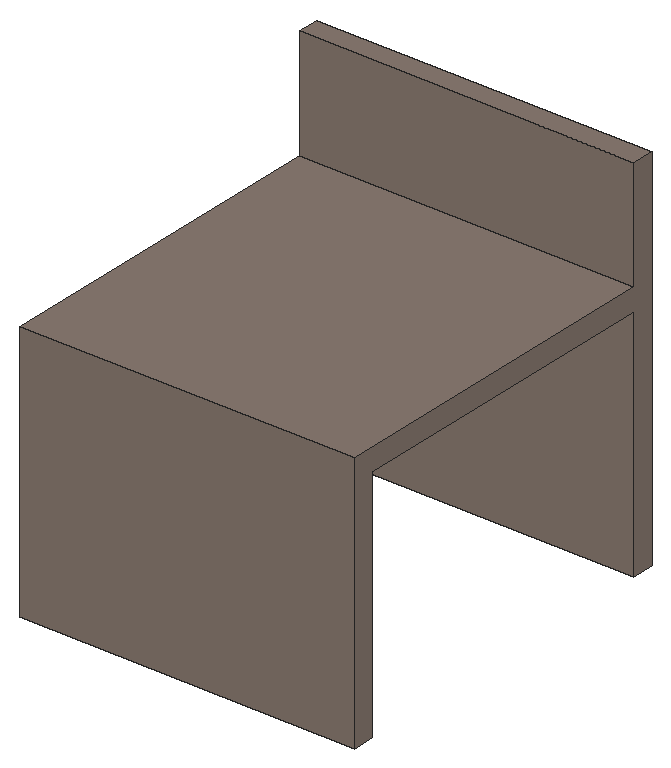
Revit family "seating_funiture", category Furniture, Revit 2016
Family settings
  OmniClass Number = 23.40.20.00
  OmniClass Title = General Furniture and Specialties
  Work Plane-Based = No
  Always vertical = Yes
  Cut with Voids When Loaded = No
  Shared = No
  Room Calculation Point = No
Parameters
  w = 450 mm
Reference planes
  plane 1 "Center (Front/Back)": y = 0
  plane 2: z = 0
  plane 3 "Center (Left/Right)": x = 0
  plane 4: x = -225
  plane 5: x = 225
Forms (mm)
  Extrusion 1, solid, material "Earth"
    sketch origin (0, 0, 0) x (0, 1, 0) y (0, 0, 1)
      loop
        line (-500, 0) -> (-470, 0) -> (-470, 320) -> (-30, 320) -> (-30, 0) -> (0, 0) -> (0, 500) -> (-30, 500) -> (-30, 350) -> (-500, 350) -> (-500, 0)
    from -225 to 225
Dimensions and locks
  equal spacing: plane 4, plane 3 "Center (Left/Right)", plane 5
  "w": plane 4 to plane 5
  aligned and locked: level to plane 2
  aligned and locked: Extrusion 1 sketch curve to level
  aligned and locked: Extrusion 1 sketch curve to plane 1 "Center (Front/Back)"
  aligned and locked: Extrusion 1 to plane 4
  aligned and locked: Extrusion 1 to plane 5
Automatic sketch dimensions
  Extrusion 1 sketch curve to level = 0 mm
  plane 1 "Center (Front/Back)" to Extrusion 1 sketch curve = 30 mm  (x2)
  Extrusion 1 sketch curve to Extrusion 1 sketch curve = 440 mm
  Extrusion 1 sketch curve to Extrusion 1 sketch curve = 30 mm  (x2)
  level to Extrusion 1 sketch curve = 320 mm
  Extrusion 1 sketch curve to Extrusion 1 sketch curve = 150 mm
